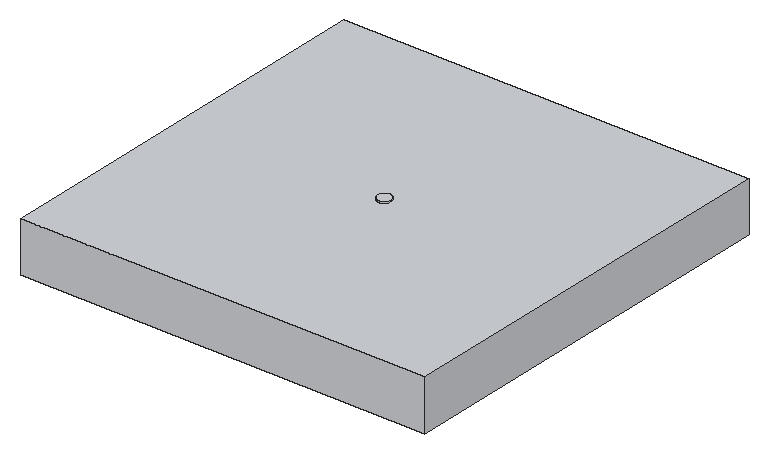
Revit family "M_Sprinkler - Parede lateral horizontal - Embutido por completo - Hospedado", category Sprinklers, Revit 2019
Family settings
  Hospedeiro = Face
  Manter orientação da anotação = Sim
  Cota do conector redondo = Usar raio
  Tipo de parte = Normal
  Número OmniClass = 23.65.70.17.11.24
  Título OmniClass = Fire Fighting Sprinkler Heads
  ID de item do Seek = Sprinkler - Horizontal Sidewall - Fully Recessed - Hosted-0000-CAN-ENU
  Corte com vazios quando carregada = Não
  Compartilhado = Não
  Ponto de cálculo do ambiente = Não
Parameters (values of type "Parede lateral horizontal de 20 mm")
  Classificação de temperatura = 57 °C
  Resposta = Padrão
  Queda de pressão [instance] = 96500.0 Pa
  Classe de pressão = Padrão
  Tamanho do orifício = 14 mm
  Orifício = Padrão
  Fator-K = 115
  Fluxo [instance] = 3.0 L/s
  Diâmetro do escudete = 83 mm
  Cobertura = Padrão
  Diâmetro nominal = Raio nominal * 2  # 20 mm
  Raio nominal = 10 mm
  Raio do escudete = 0.5 * Diâmetro do escudete  # 41.5 mm
  Protrusão = 0 mm
  Comprimento total = 75 mm
  Espessura do escudete = 5 mm
  Elevação-padrão = 2400 mm
  CEL = 10 mm
  Assembly Code = ""
Types (2, lengths in mm): name | Queda de pressão | Tamanho do orifício | Fator-K | Fluxo | Diâmetro nominal | Raio nominal | Comprimento total | CEL
  Parede lateral horizontal de 15 mm | 48300.0 Pa | 13 | 81 | 2.0 L/s | 15 | 7.5 | 89 | 7
  Parede lateral horizontal de 20 mm | 96500.0 Pa | 14 | 115 | 3.0 L/s | 20 | 10 | 75 | 10
Reference planes
  plane 1 "Centro (Frente/Trás)": y = 0
  plane 2: z = 0
  plane 3 "Centro (Esquerda/Direita)": x = 0
  plane 4: z = -75
  plane 5: z = 5
  plane 6: z = 0
  plane 7: z = -65
Forms (mm)
  Extrusion 1, solid
    sketch origin (0, 0, 0) x (1, 0, 0) y (0, 1, 0)
      loop
        line (-1219.2, 1219.2) -> (-1219.2, -1219.2) -> (1219.2, -1219.2) -> (1219.2, 1219.2) -> (-1219.2, 1219.2)
    from 0 to -304.8
  Extrusion 2, solid
    sketch origin (0, 0, 0) x (1, 0, 0) y (0, 1, 0)
      loop
        circle (0, 0) r 10
    from -65 to 0
  Extrusion 3, solid
    sketch origin (0, 0, 0) x (1, 0, 0) y (0, 1, 0)
      loop
        circle (0, 0) r 41.5
    from 0 to 5
Cuts and joins
  joined: Extrusion 2, Extrusion 3
Dimensions and locks
  "Espessura do escudete": plane 5 to level
  "Protrusão": plane 6 to level
  "Comprimento total": plane 6 to plane 4
  "CEL": plane 7 to plane 4
  "Raio nominal": radius of Extrusion 2 sketch curve
  "Raio do escudete": radius of Extrusion 3 sketch curve
  aligned and locked: plane 2 to Extrusion 1
  aligned and locked: level to Extrusion 1
  aligned and locked: Extrusion 3 to level
  aligned and locked: plane 5 to Extrusion 3
  aligned and locked: plane 6 to Extrusion 2
  aligned and locked: Extrusion 2 to plane 7
Automatic sketch dimensions
  Extrusion 2 sketch curve to plane 1 "Centro (Frente/Trás)" = 0 mm
  Extrusion 2 sketch curve to plane 3 "Centro (Esquerda/Direita)" = 0 mm
  Extrusion 3 sketch curve to plane 1 "Centro (Frente/Trás)" = 0 mm
  Extrusion 3 sketch curve to plane 3 "Centro (Esquerda/Direita)" = 0 mm
  Extrusion 1 sketch curve to Extrusion 1 sketch curve = 2438.4 mm  (x2)
Nested families
  nested 1: "M_Sprinkler - Símbolo - Parede lateral horizontal" at (0, 0, 0), type "Sprinkler - Símbolo - Parede lateral horizontal"
Connectors
  piping at (0, 0, -65), diameter 20, driven by "Raio nominal", driven by "Fluxo", driven by "Queda de pressão"
    settings: on cut or joined group of Extrusion 2, Extrusion 3, index 1, connector inside diameter 20 mm, connector length 0 mm, flow factor 0, pipe flow 3.0 L/s, pressure drop 96500.0 Pa, fitting loss kfactor 0, connector angle 0.00°, fixture units 0, engagement length 0 mm, angle of deflection 0.00°, flow configuration 1, flow direction 1, fitting loss method 4, system type 23, joint type 0, gender type 0, connector reference index -1, connector utility 0, adjustable connector no, is connector primary yes, connector description "In"
Definition of nested family "M_Sprinkler - Símbolo - Parede lateral horizontal"
  Parameters
    Largura do símbolo = Profundidade do símbolo  # 2 mm
    Meia largura do símbolo = 0.5 * Largura do símbolo  # 1 mm
    Profundidade do símbolo = 2 mm
  Reference planes
    plane 1: y = 0
    plane 2: x = 0
  Lines and regions (mm)
    reference lines
      curve 1: line (-1, 0, 0) -> (-1, 2, 0)
      curve 2: line (-1, 2, 0) -> (1, 2, 0)
      curve 3: line (1, 2, 0) -> (1, 0, 0)
      curve 4: line (-1, 2, 0) -> (0, 0, 0)
      curve 5: line (0, 0, 0) -> (1, 2, 0)
    detail lines
      curve 6: line (-1, 2, 0) -> (1, 2, 0)
      curve 7: line (1, 2, 0) -> (0, 0, 0)
      curve 8: line (-1, 2, 0) -> (0, 0, 0)
  Dimensions and locks
    equal spacing: curve 1, plane 2, curve 3
    "Profundidade do símbolo": plane 1 to curve 2
    "Meia largura do símbolo": curve 1 to plane 2
    aligned and locked: plane 1 to curve 1
    aligned and locked: curve 6 to curve 2
    aligned and locked: curve 1 to curve 6
    aligned and locked: curve 6 to curve 3
    aligned and locked: curve 7 to curve 5
    aligned and locked: curve 2 to curve 7
    aligned and locked: plane 1 to curve 7
  Automatic sketch dimensions
    curve 5 to plane 1 = 0 mm
    curve 4 to plane 2 = 0 mm
    curve 3 to plane 1 = 0 mm
